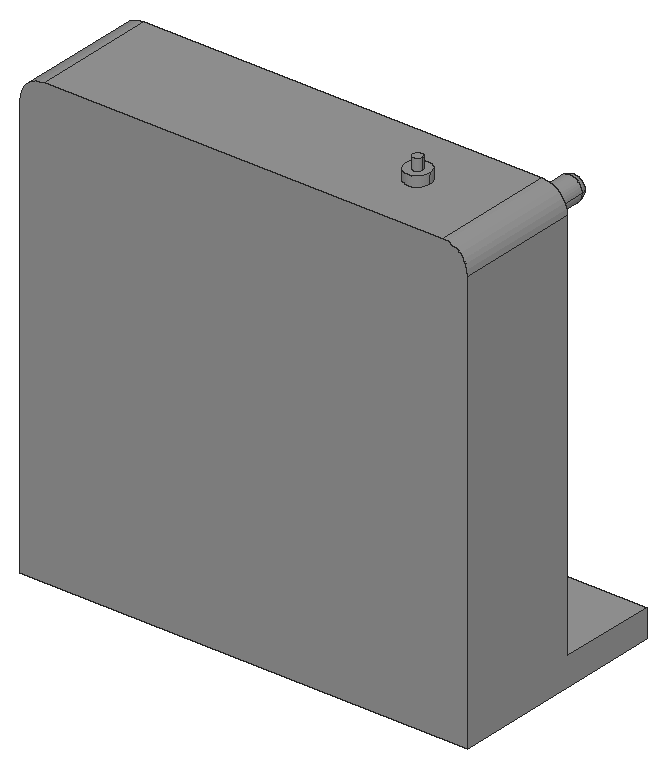
Revit family "Drinking_Fount-Willoughby-DF-1015-96-HC", category Plumbing Fixtures, Revit 2015
Parameters (values of type "Standard")
  Waste DIA = 1 1/2"
  Waste Connection = yes
  Vent Connection = no
  URL = "https://www.willoughby-ind.com/wp-content/uploads/2017/12/DF-1015-96-HC.pdf"
  Stainless Steel = Stainless Steel AISI 304-Willoughby
  Revision = "A"
  Model = "DF-1015-96-HC"
  Manufacturer = "Willoughby Industries"
  HW Connection = no
  Description = "Drinking Fountain"
  Default Elevation = 2' - 8 1/2"
  Contact Info. = "(800) 428-4065"
  CW inlet Diameter = 3/8"
  CW Connection = yes
Reference planes (in)
  plane 1 "Center (Front/Back)": y = 0
  plane 2: z = 0
  plane 3 "Center (Left/Right)": x = 0
  plane 4: y = 4
  plane 5: y = -3.5
  plane 6: y = -32.5
Forms (in)
  Extrusion 1, solid, material "Stainless Steel AISI 304-Willoughby" <- "Stainless Steel", detail levels fine
    sketch origin (0, 0, 4.75) x (1, 0, 0) y (0, 0, 1)
      loop
        line (9, -4.75) -> (9, 12.25)
        arc (9, 12.25) -> (8.70711, 12.95711) -> (8, 13.25) r 1
        line (8, 13.25) -> (-8, 13.25)
        arc (-8, 13.25) -> (-8.70711, 12.95711) -> (-9, 12.25) r 1
        line (-9, 12.25) -> (-9, -4.75) -> (9, -4.75)
    from 0 to 5
  Extrusion 2, solid, material "Stainless Steel AISI 304-Willoughby" <- "Stainless Steel", detail levels fine
    sketch origin (0, 0, 0) x (1, 0, 0) y (0, 0, 1)
      loop
        line (9, 0) -> (9, 1.125) -> (-9, 1.125) -> (-9, 0) -> (9, 0)
    from 0 to -4
  Extrusion 3, solid, material "Stainless Steel AISI 304-Willoughby" <- "Stainless Steel", detail levels fine
    sketch origin (0.97227, 0, 5.72227) x (1, 0, 0) y (0, 0, 1)
      loop
        circle (7.02773, 11.27773) r 0.5
    from 0 to -1.75
  Extrusion 4, solid, material "Stainless Steel AISI 304-Willoughby" <- "Stainless Steel", detail levels fine
    sketch origin (0, 2, 0) x (1, 0, 0) y (0, 1, 0)
      loop
        circle (5, -4.5) r 0.5
    from 0 to 18.39906
  Extrusion 5, solid, material "Stainless Steel AISI 304-Willoughby" <- "Stainless Steel", detail levels fine
    sketch origin (0, 0.25, 0) x (1, 0, 0) y (0, 1, 0)
      loop
        circle (0, -3.75) r 0.75
    from 0 to 1.125
  Sweep 6, void, detail levels fine
    path origin (0, 0, 0) x (1, 0, 0) y (0, 0, 1)
      loop
        arc (5.5, 6.5) -> (6.91421, 7.08579) -> (7.5, 8.5) r 2
        line (7.5, 8.5) -> (7.5, 14.5)
        arc (7.5, 14.5) -> (6.91421, 15.91421) -> (5.5, 16.5) r 2
        line (5.5, 16.5) -> (-5.5, 16.5)
        arc (-5.5, 16.5) -> (-6.91421, 15.91421) -> (-7.5, 14.5) r 2
        line (-7.5, 14.5) -> (-7.5, 8.5)
        arc (-7.5, 8.5) -> (-6.91421, 7.08579) -> (-5.5, 6.5) r 2
        line (-5.5, 6.5) -> (5.5, 6.5)
    profile origin (0, 0, 6.5) x (0, 0, -1) y (0, -1, 0)
      loop
        line (0, 0) -> (0, 0.5)
        arc (0, 0.5) -> (-0.14645, 0.85355) -> (-0.5, 1) r 0.5
        line (-0.5, 1) -> (-1.5, 1) -> (-1.5, 0) -> (0, 0)
  Extrusion 7, void
    sketch origin (0, 0, 0) x (1, 0, 0) y (0, 0, 1)
      loop
        line (6.13781, 7.88803) -> (6.13781, 15.13803) -> (-6.36219, 15.13803) -> (-6.36219, 7.88803) -> (6.13781, 7.88803)
    from 0 to 1
  Extrusion 8, solid, material "Stainless Steel AISI 304-Willoughby" <- "Stainless Steel", detail levels fine
    sketch origin (0, 2, 18.39906) x (1, 0, 0) y (0, 1, 0)
      loop
        circle (5, -4.5) r 0.1875
    from 0 to 0.4375
  Extrusion 9, solid, material "Stainless Steel AISI 304-Willoughby" <- "Stainless Steel", detail levels fine
    sketch origin (8.77574, 0, 0) x (0, 1, 0) y (1, 0, 0)
      loop
        circle (-2.5, -3.77574) r 0.25
    from 0 to -1
  Sweep 10, void
    path in 3D
      loop
        arc (8.5, 1.75, 17) -> (8, 1.75, 17.5) -> (7.5, 1.75, 17) r 0.5
        arc (7.5, 1.75, 17) -> (8, 1.75, 16.5) -> (8.5, 1.75, 17) r 0.5
    profile origin (8, 1.75, 16.5) x (0, 0, -1) y (0, 1, 0)
      loop
        line (0, 0) -> (-0.375, 0)
        arc (-0.375, 0) -> (-0.10983, -0.10983) -> (0, -0.375) r 0.375
        line (0, -0.375) -> (0, 0)
Cuts and joins
  Sweep 6, Extrusion 7, Sweep 10 cuts Extrusion 1
  Extrusion 7, Sweep 10 cuts Extrusion 2
  Extrusion 7, Sweep 10 cuts Extrusion 4
  joined: Extrusion 1, Extrusion 2, Extrusion 4
  Sweep 10 cuts Extrusion 3
Lines and regions (in)
  sketch lines
    curve 1: arc (7.5, 1.75, 17) -> (8, 1.75, 16.5) -> (8.5, 1.75, 17) r 0.5
    curve 2: arc (8.5, 1.75, 17) -> (8, 1.75, 17.5) -> (7.5, 1.75, 17) r 0.5
  model lines, detail levels coarse+medium
    curve 3: line (9, 0, 0) -> (9, 0, 17)
    curve 4: arc (-8, 0, 18) -> (-8.70711, 0, 17.70711) -> (-9, 0, 17) r 1
    curve 5: line (-9, 0, 17) -> (-9, 0, 0)
  symbolic lines
    curve 6: line (9, 0, 0) -> (9, 0, 17)
    curve 7: arc (9, 0, 17) -> (8.70711, 0, 17.70711) -> (8, 0, 18) r 1
    curve 8: line (8, 0, 18) -> (-8, 0, 18)
    curve 9: arc (-8, 0, 18) -> (-8.70711, 0, 17.70711) -> (-9, 0, 17) r 1
    curve 10: line (-9, 0, 17) -> (-9, 0, 0)
    curve 12: line (-9, 0, 0) -> (9, 0, 0)
    curve 26: line (-9, -5, 0) -> (-9, 4, 0)
    curve 27: line (-9, 4, 0) -> (9, 4, 0)
    curve 28: line (9, 4, 0) -> (9, -5, 0)
    curve 29: line (9, -5, 0) -> (-9, -5, 0)
    curve 30: line (-9, 0, 0) -> (9, 0, 0)
    curve 38: line (0, -5, 0) -> (0, 0, 0)
    curve 39: line (0, 0, 0) -> (0, 0, 18)
    curve 40: line (0, 0, 18) -> (0, -5, 18)
    curve 41: line (0, -5, 18) -> (0, -5, 0)
  symbolic lines, detail levels medium+fine
    curve 11: line (-9, 0, 1.125) -> (9, 0, 1.125)
    curve 42: line (0, 0, 0) -> (0, 4, 0)
    curve 43: line (0, 4, 0) -> (0, 4, 1.125)
    curve 44: line (0, 4, 1.125) -> (0, 0, 1.125)
  symbolic lines, detail levels fine
    curve 13: line (5.5, 0, 6.5) -> (-5.5, 0, 6.5)
    curve 14: line (-7.5, 0, 8.5) -> (-7.5, 0, 14.5)
    curve 15: line (-5.5, 0, 16.5) -> (5.5, 0, 16.5)
    curve 16: line (7.5, 0, 14.5) -> (7.5, 0, 8.5)
    curve 17: arc (7.5, 0, 14.5) -> (6.91421, 0, 15.91421) -> (5.5, 0, 16.5) r 2
    curve 18: arc (-5.5, 0, 16.5) -> (-6.91421, 0, 15.91421) -> (-7.5, 0, 14.5) r 2
    curve 19: arc (-7.5, 0, 8.5) -> (-6.91421, 0, 7.08579) -> (-5.5, 0, 6.5) r 2
    curve 20: arc (5.5, 0, 6.5) -> (6.91421, 0, 7.08579) -> (7.5, 0, 8.5) r 2
    curve 21: line (5.5, 0, 18) -> (5.5, 0, 18.39906)
    curve 22: line (4.5, 0, 18.39906) -> (4.5, 0, 18)
    curve 23: line (4.8125, 0, 18.83656) -> (4.8125, 0, 18.39906)
    curve 24: line (5.5, 0, 18.39906) -> (4.5, 0, 18.39906)
    curve 25: line (5.1875, 0, 18.83656) -> (4.8125, 0, 18.83656)
    curve 31: arc (4.5, -2.5, 0) -> (5, -3, 0) -> (5.5, -2.5, 0) r 0.5
    curve 32: arc (5.5, -2.5, 0) -> (5, -2, 0) -> (4.5, -2.5, 0) r 0.5
    curve 33: arc (5.25, -2.5, 0) -> (5, -2.25, 0) -> (4.75, -2.5, 0) r 0.25
    curve 34: arc (4.75, -2.5, 0) -> (5, -2.75, 0) -> (5.25, -2.5, 0) r 0.25
    curve 35: line (7.5, 0, 0) -> (7.5, 1.37947, 0)
    curve 36: line (8.5, 1.37947, 0) -> (8.5, 0, 0)
    curve 37: arc (7.5, 1.37947, 0) -> (8, 1.87947, 0) -> (8.5, 1.37947, 0) r 0.5
    curve 45: line (0, 0, 16.5) -> (0, 1.406, 16.5)
    curve 46: line (0, 1.406, 17.5) -> (0, 0, 17.5)
    curve 47: arc (0, 1.406, 17.5) -> (0, 1.77682, 17) -> (0, 1.406, 16.5) r 0.5225
    curve 48: line (0, -2, 18.39906) -> (0, -3, 18.39906)
    curve 49: line (0, -3, 18.39906) -> (0, -3, 18)
    curve 50: line (0, -2, 18.39906) -> (0, -2, 18)
    curve 51: line (0, -2.3125, 18.83656) -> (0, -2.6875, 18.83656)
    curve 52: line (0, -2.6875, 18.83656) -> (0, -2.6875, 18.39906)
    curve 53: line (0, -2.3125, 18.83656) -> (0, -2.3125, 18.39906)
    curve 54: line (5.1875, 0, 18.83656) -> (5.1875, 0, 18.39906)
Dimensions and locks (in)
  Extrusion 1 sketch curve to Extrusion 1 sketch curve = 1' - 6"
  plane 1 "Center (Front/Back)" to plane 6 = 2' - 8 1/2"
  radius of Sweep 10 sketch curve = 0' - 0 3/8"
  aligned and locked: profile plane to Sweep 10 sketch curve  (x2)
  aligned and locked: curve 3 to cut or joined group of Extrusion 1, Extrusion 2, Extrusion 4, Sweep 6, Extrusion 7, Sweep 10
  aligned and locked: curve 4 to cut or joined group of Extrusion 1, Extrusion 2, Extrusion 4, Sweep 6, Extrusion 7, Sweep 10  (x2)
  aligned and locked: curve 5 to cut or joined group of Extrusion 1, Extrusion 2, Extrusion 4, Sweep 6, Extrusion 7, Sweep 10
  aligned and locked: cut or joined group of Extrusion 1, Extrusion 2, Extrusion 4, Sweep 6, Extrusion 7, Sweep 10 to cut or joined group of Extrusion 1, Extrusion 2, Extrusion 4, Sweep 6, Extrusion 7, Sweep 10
  aligned and locked: cut or joined group of Extrusion 1, Extrusion 2, Extrusion 4, Sweep 6, Extrusion 7, Sweep 10 to level
  aligned and locked: Extrusion 8 to cut or joined group of Extrusion 1, Extrusion 2, Extrusion 4, Sweep 6, Extrusion 7, Sweep 10
  aligned and locked: plane 4 to cut or joined group of Extrusion 1, Extrusion 2, Extrusion 4, Sweep 6, Extrusion 7, Sweep 10
  aligned and locked: cut or joined group of Extrusion 1, Extrusion 2, Extrusion 4, Sweep 6, Extrusion 7, Sweep 10 to curve 5
  aligned and locked: plane 1 "Center (Front/Back)" to Extrusion 3
  aligned and locked: curve 13 to cut or joined group of Extrusion 1, Extrusion 2, Extrusion 4, Sweep 6, Extrusion 7, Sweep 10
  aligned and locked: curve 15 to cut or joined group of Extrusion 1, Extrusion 2, Extrusion 4, Sweep 6, Extrusion 7, Sweep 10
  aligned and locked: curve 16 to cut or joined group of Extrusion 1, Extrusion 2, Extrusion 4, Sweep 6, Extrusion 7, Sweep 10
  aligned and locked: curve 24 to cut or joined group of Extrusion 1, Extrusion 2, Extrusion 4, Sweep 6, Extrusion 7, Sweep 10
  aligned and locked: curve 25 to Extrusion 8
  aligned and locked: Extrusion 1 to level
  aligned and locked: Extrusion 2 to level
  aligned and locked: plane 1 "Center (Front/Back)" to Extrusion 2
  aligned and locked: Extrusion 3 to cut or joined group of Extrusion 1, Extrusion 2, Extrusion 4, Sweep 6, Extrusion 7, Sweep 10
  aligned and locked: Extrusion 4 to Extrusion 8
  aligned and locked: Extrusion 4 to level
  aligned and locked: Extrusion 8 to curve 49
Connectors (in)
  piping at (0, -3.5, 0), diameter 1.5, driven by "Waste Connection", driven by "Waste DIA"
    settings: on Extrusion 5, index 1, connector inside diameter 1 1/2", connector length 0' - 0", flow factor 0, pipe flow 0 GPM, pressure drop 0.00 psi, fitting loss kfactor 0, connector angle 0.00°, fixture units 0, engagement length 0' - 0", angle of deflection 0.00°, flow configuration 0, flow direction 2, fitting loss method 0, system type 16, joint type 0, gender type 0, connector reference index -1, connector utility 1, adjustable connector yes, is connector primary yes, connector description "Sink Waste"
  piping at (5, -2.5, 0), diameter 0.375, driven by "CW Connection", driven by "CW inlet Diameter"
    settings: on cut or joined group of Extrusion 1, Extrusion 2, Extrusion 4, Sweep 6, Extrusion 7, Sweep 10, index 2, connector inside diameter 1/2", connector length 0' - 0", flow factor 0, pipe flow 0 GPM, pressure drop 0.00 psi, fitting loss kfactor 0, connector angle 0.00°, fixture units 0, engagement length 0' - 0", angle of deflection 0.00°, flow configuration 0, flow direction 1, fitting loss method 0, system type 20, joint type 0, gender type 0, connector reference index -1, connector utility 1, adjustable connector no, is connector primary no, connector description "Fountain CW Inlet"
